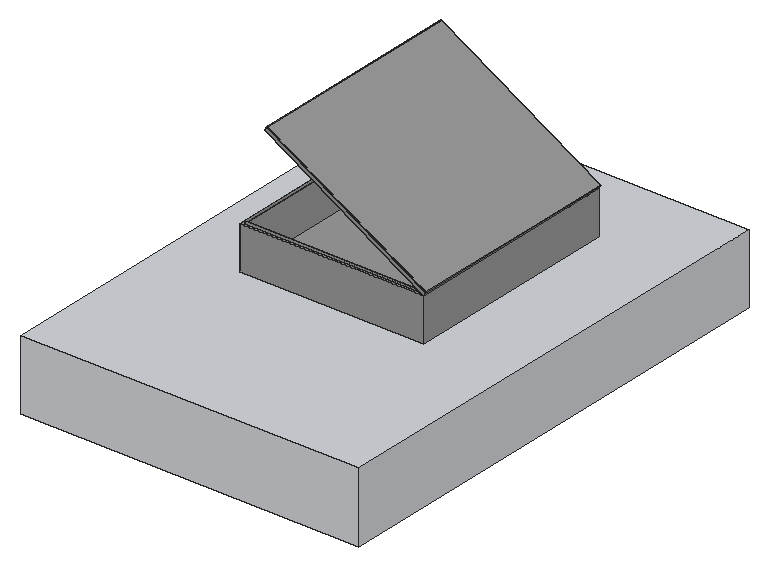
Revit family "Hager-Univers-IP44-D205-H950-Cl.I-Encl-AT-de", category Equipement électrique, Revit 2020
Family settings
  Hôte = Face
  Configuration du panneau = Deux colonnes, circuits au sein
  Cote de connecteur circulaire = Utiliser le diamètre
  Type d'élément = Tableau de raccordement
  Couper avec des vides une fois chargée = Non
  Partagée = Non
  Point de calcul de pièce = Non
Parameters (values of type "Aufputz IP44 B800 H950 T205  - FP63TN2")
  Width Control [instance] = if([EF000008 - Breite] > Min Width, [EF000008 - Breite], Min Width)  # 800 mm
  Commentaires du type = [HG000003 - Bereich]  # "Univers"
  Thickness Door [instance] = if([EF009171 - Materialstärke Tür/Deckel] > 3 mm, 3 mm, [EF009171 - Materialstärke Tür/Deckel])  # 1 mm
  Seal Frame Offset [instance] = 17 mm  # constant formula
  Plinth Visibility [instance] = [HG000027 - Sockelhöhe] > 0 mm  # no
  Model = ""
  Min Width [instance] = 100 mm  # constant formula
  Min Height [instance] = 100 mm  # constant formula
  Min Depth [instance] = (2 * [EF009170 - Materialstärke Gehäuse]) + 1 mm  # 3 mm
  Internal Frame Depth [instance] = (Door System Depth * 0.5)  # 9 mm
  Height Control [instance] = if([EF000040 - Höhe] > Min Height, [EF000040 - Höhe], Min Height)  # 950 mm
  HG000027 - Sockelhöhe = 0 mm
  HG000026 - Stehend auf dem Boden = no
  HG000024 - Höhe des unteren Teils = 800 mm
  HG000023 - Gehäuse mit doppeltem Querschnitt = no
  HG000016 - 3D-Türsichtbarkeit [instance] = yes
  HG000015 - Sichtbarkeit der Türöffnung [instance] = no
  HG000014 - Tür rechts [instance] = yes
  HG000013 - Tür links [instance] = not([HG000014 - Tür rechts])  # no
  HG000012 - Türschwenkwinkel [instance] = 30.00°
  HG000010 - Asymmetrische Türen = no
  HG000009 - Doppelflügeligen Tür = no
  HG000006 - Unterputz = no
  HG000004 - Herstellerreferenz = "FP63TN2"
  HG000003 - Bereich = "Univers"
  HG000002 - Mit tür = yes
  Frame Offset Bottom [instance] = 10 mm  # constant formula
  Frame Offset [instance] = 15 mm  # constant formula
  EF015940 - Deckel mit Überdruckentlastung = no
  EF011959 - Schutzart (NEMA) = ""
  EF009554 - Anzahl der Öffnungen für Flanschplatten = 6
  Fabricant = "Hager"  # constant formula
  EF009212 - Ausführung Deckel = "EV000116 - geschlossen"
  EF009171 - Materialstärke Tür/Deckel = 1 mm
  EF009170 - Materialstärke Gehäuse = 1 mm
  EF008873 - Nennstrom (In) = 250 A
  EF007800 - Geeignet für Blitzschutz = no
  EF006306 - Mit Schloss = no
  EF006244 - Transparenter Deckel/Tür = no
  EF005474 - Schutzart (IP) = "EV006418 - IP44"
  EF004464 - Art der Tür = "EV002646 - Einzel"
  EF004427 - Anzahl der Module = 216
  EF004293 - Schlagfestigkeit = "EV006815 - IK09"
  EF003532 - Geeignet für Außengebrauch = no
  EF002950 - Breite in Teilungseinheiten = 36
  EF001613 - Funktionserhalt = "EV000494 - ohne"
  EF001596 - Werkstoff des Gehäuses = "EV000179 - Stahl"
  EF001131 - Innentiefe = 130 mm
  EF001088 - Anbaumöglichkeit = yes
  EF000437 - Anzahl der Leitungseinführungen = 6
  EF000339 - Art der Abdeckung = "EV001012 - Deckel"
  EF000266 - Anzahl der Reihen = 6
  EF000218 - Einbautiefe = 205 mm
  EF000118 - Mit Montageplatte = no
  EF000116 - RAL-Nummer = "9010"
  EF000049 - Tiefe = 205 mm
  EF000040 - Höhe = 950 mm
  EF000008 - Breite = 800 mm
  EF000007 - Farbe = "EV000202 - weiß"
  EF000003 - Montageart = "EV000384 - Aufputz"
  Door System Leaf Tolerance [instance] = 1.5 mm  # constant formula
  Door System Depth [instance] = 18 mm  # constant formula
  Door Height [instance] = Height Control - [HG000027 - Sockelhöhe]  # 950 mm
  Depth Control [instance] = if([EF000049 - Tiefe] > Min Depth, [EF000049 - Tiefe], Min Depth)  # 205 mm
  Default Elevation = 0 mm
  Connector Offset [instance] = Height Control / 2  # 475 mm
  Bottom Top Plate Trim [instance] = 1.5 mm  # constant formula
  Plinth height Ctrl [instance] = if([HG000027 - Sockelhöhe] > 0 mm, [HG000027 - Sockelhöhe], 12 mm)  # 12 mm
Types (4, lengths in mm): name | Width Control | HG000009 - Doppelflügeligen Tür | HG000004 - Herstellerreferenz | EF009554 - Anzahl der Öffnungen für Flanschplatten | EF004464 - Art der Tür | EF004427 - Anzahl der Module | EF002950 - Breite in Teilungseinheiten | EF000437 - Anzahl der Leitungseinführungen | EF000008 - Breite
  Aufputz IP44 B1050 H950 T205  - FP64TN2 | 1050 | yes | "FP64TN2" | 8 | "EV003602 - Doppel" | 288 | 48 | 8 | 1050
  Aufputz IP44 B300 H950 T205  - FP61TN2 | 300 | no | "FP61TN2" | 2 | "EV002646 - Einzel" | 72 | 12 | 2 | 300
  Aufputz IP44 B550 H950 T205  - FP62TN2 | 550 | no | "FP62TN2" | 4 | "EV002646 - Einzel" | 144 | 24 | 4 | 550
  Aufputz IP44 B800 H950 T205  - FP63TN2 | 800 | no | "FP63TN2" | 6 | "EV002646 - Einzel" | 216 | 36 | 6 | 800
Reference planes
  plane 1 "Center (Front/Back)": y = 0
  plane 2: z = 0
  plane 3 "Center (Left/Right)": x = 0
  plane 4: z = 205
  plane 5: y = 1
  plane 6: y = 475
  plane 7: y = 0
  plane 8: y = 950
  plane 9: z = 0
  plane 10: x = -385
  plane 11: x = 385
  plane 12: x = 384
  plane 13: x = -384
  plane 14: y = 949
  plane 15: x = -383
  plane 16: x = -400
  plane 17: x = 383
  plane 18: x = 400
  plane 19: x = 399
  plane 20: x = -399
  plane 21: y = 11
  plane 22: y = 950
  plane 23: y = 934
  plane 24: z = 187
  plane 25: z = 1
  plane 26: z = 186
  plane 27: z = 204
Forms (mm)
  Extrusion 1, solid
    sketch origin (0, 0, 0) x (1, 0, 0) y (0, 1, 0)
      loop
        line (-702.964, 1305) -> (-702.964, -811.445) -> (766.763, -811.445) -> (766.763, 1305) -> (-702.964, 1305)
    from 0 to -304.8
  Extrusion 2, solid, material "Hager_Steel_RAL7035_Light_Grey", visible <- "Plinth Visibility", detail levels medium+fine
    sketch origin (0, 0, 0) x (1, 0, 0) y (0, 1, 0)
      loop
        line (-400, 0) -> (400, 0) -> (400, 12) -> (-400, 12) -> (-400, 0)
    from 0 to 187
  Extrusion 3, solid, material "Hager_Steel_RAL7035_Light_Grey", detail levels medium+fine
    sketch origin (0, 0, 0) x (1, 0, 0) y (0, 1, 0)
      loop
        line (-400, 0) -> (400, 0) -> (400, 950) -> (-400, 950) -> (-400, 0)
    from 0 to 187
  Extrusion 4, void
    sketch origin (0, 0, 0) x (1, 0, 0) y (0, 1, 0)
      loop
        line (-399, 1) -> (399, 1) -> (399, 949) -> (-399, 949) -> (-399, 1)
    from 1 to 186
  Extrusion 5, void
    sketch origin (-381.607, -4572, 187) x (0, -1, 0) y (-1, 0, 0)
      loop
        line (-4583, 2.393) -> (-5506, 2.393) -> (-5506, -765.607) -> (-4583, -765.607) -> (-4583, 2.393)
    from 0 to 1 <- "EF009170 - Materialstärke Gehäuse"
  Extrusion 6, solid, material "Hager_Steel_RAL7035_Light_Grey", detail levels fine
    sketch origin (0, 0, 187) x (1, 0, 0) y (0, 1, 0)
      loop
        line (-384, 934) -> (-384, 11) -> (384, 11) -> (384, 934) -> (-384, 934)
      loop
        line (-385, 10) -> (385, 10) -> (385, 935) -> (-385, 935) -> (-385, 10)
    from 0 to 9 <- "Internal Frame Depth"
  Extrusion 7, solid, material "Hager_Steel_RAL7035_Light_Grey", detail levels coarse
    sketch origin (0, 0, 0) x (1, 0, 0) y (0, 1, 0)
      loop
        line (-400, 0) -> (400, 0) -> (400, 950) -> (-400, 950) -> (-400, 0)
    from 0 to 205
  Sweep 8, void
    path in 3D
      loop
        line (-400, 12, 0) -> (400, 12, 0) -> (400, 12, 187) -> (-400, 12, 187) -> (-400, 12, 0)
    profile origin (-400, 12, 93.5) x (-1, 0, 0) y (0, -1, 0)
      loop
        line (0, 0) -> (0, 1.5) -> (-1.5, 1.5)
        arc (-1.5, 1.5) -> (-1.061, 0.439) -> (0, 0) r 1.5
Cuts and joins
  Extrusion 4, Extrusion 5 cuts Extrusion 3
  Sweep 8 cuts Extrusion 2
Lines and regions (mm)
  Masking region 1
    outline origin (0, 0, 0) x (1, 0, 0) y (0, 0, 1)
      loop
        line (-400, 205) -> (-400, 0) -> (400, 0) -> (400, 205) -> (-400, 205)
  Masking region 2, detail levels medium+fine
    outline origin (0, 140, 0) x (0, 1, 0) y (0, 0, 1)
      loop
        line (-140, 0) -> (810, 0) -> (810, 187) -> (-140, 187) -> (-140, 0)
  Masking region 3, not visible, detail levels medium+fine
    outline origin (0, 297.922, 0) x (0, 1, 0) y (0, 0, 1)
      loop
        line (188.578, 0) -> (228.578, 0) -> (228.578, 194)
        arc (228.578, 194) -> (225.649, 201.071) -> (218.578, 204) r 10
        line (218.578, 204) -> (188.578, 204) -> (188.578, 0)
  Masking region 4, detail levels coarse
    outline origin (0, 0, 180) x (0, 1, 0) y (0, 0, 1)
      loop
        line (0, -180) -> (950, -180) -> (950, 25) -> (0, 25) -> (0, -180)
  Masking region 5, visible <- "Plinth Visibility", detail levels medium+fine
    outline origin (0, 52.24, 12.345) x (0, 0, -1) y (0, 1, 0)
      loop
        line (10.845, -40.24) -> (-173.155, -40.24)
        arc (-173.155, -40.24) -> (-173.594, -41.301) -> (-174.655, -41.74) r 1.5
        line (-174.655, -41.74) -> (-174.655, -52.24) -> (12.345, -52.24) -> (12.345, -41.74)
        arc (12.345, -41.74) -> (11.285, -41.301) -> (10.845, -40.24) r 1.5
  Masking region 6, detail levels medium+fine
    outline origin (-381.607, -4572, 187) x (-1, 0, 0) y (0, -1, 0)
      loop
        line (18.393, -5522) -> (18.393, -4572) -> (-781.607, -4572) -> (-781.607, -5522) -> (18.393, -5522)
  Masking region 7, visible <- "Plinth Visibility", detail levels medium+fine
    outline origin (-381.607, -4727, 187) x (-1, 0, 0) y (0, -1, 0)
      loop
        arc (16.893, -4739) -> (17.332, -4737.939) -> (18.393, -4737.5) r 1.5
        line (18.393, -4737.5) -> (18.393, -4727) -> (-781.607, -4727) -> (-781.607, -4737.5)
        arc (-781.607, -4737.5) -> (-780.546, -4737.939) -> (-780.107, -4739) r 1.5
        line (-780.107, -4739) -> (16.893, -4739)
  Masking region 8, detail levels coarse
    outline origin (-442.548, -4669.526, 187) x (-1, 0, 0) y (0, -1, 0)
      loop
        line (-42.548, -5619.526) -> (-42.548, -4669.526) -> (-842.548, -4669.526) -> (-842.548, -5619.526) -> (-42.548, -5619.526)
  sketch lines
    curve 1: line (-400, 12, 187) -> (-400, 12, 0)
    curve 2: line (400, 12, 187) -> (-400, 12, 187)
    curve 3: line (400, 12, 187) -> (400, 12, 0)
    curve 4: line (-400, 12, 0) -> (400, 12, 0)
Dimensions and locks
  "Depth Control": plane 4 to Extrusion 1
  "HG000027 - Sockelhöhe": plane 1 "Center (Front/Back)" to plane 7
  "EF009170 - Materialstärke Gehäuse": plane 5 to plane 7
  locked: connector elem to plane 3 "Center (Left/Right)"
  equal spacing: plane 8, plane 6, plane 7
  locked: connector elem to plane 6
  "EF009170 - Materialstärke Gehäuse": plane 8 to plane 14
  "EF009170 - Materialstärke Gehäuse": plane 10 to plane 13
  "EF009170 - Materialstärke Gehäuse": plane 12 to plane 11
  "Frame Offset": plane 20 to plane 13
  "Frame Offset": plane 12 to plane 19
  "EF009170 - Materialstärke Gehäuse": plane 16 to plane 20
  "EF009170 - Materialstärke Gehäuse": plane 19 to plane 18
  "Seal Frame Offset": plane 16 to plane 15
  "Seal Frame Offset": plane 17 to plane 18
  "Frame Offset Bottom": plane 21 to plane 5
  "Frame Offset": plane 14 to plane 23
  equal spacing: plane 16, plane 3 "Center (Left/Right)", plane 18
  "Width Control": plane 16 to plane 18
  "EF009170 - Materialstärke Gehäuse": plane 4 to plane 27
  "EF009170 - Materialstärke Gehäuse": plane 24 to plane 26
  "EF009170 - Materialstärke Gehäuse": plane 25 to level
  "Door System Depth": plane 4 to plane 24
  "Height Control": plane 1 "Center (Front/Back)" to Extrusion 7 sketch curve
  "Height Control": Masking region 4 sketch curve to plane 1 "Center (Front/Back)"
  "Height Control": plane 1 "Center (Front/Back)" to plane 22
  "Bottom Top Plate Trim": profile plane to Sweep 8 sketch curve
  "Bottom Top Plate Trim": Sweep 8 sketch curve to profile plane
  "Plinth height Ctrl": plane 1 "Center (Front/Back)" to Extrusion 2 sketch curve
  "Plinth height Ctrl": Masking region 5 sketch curve to plane 1 "Center (Front/Back)"
  "Plinth height Ctrl": plane 1 "Center (Front/Back)" to Masking region 7 sketch curve
  "Thickness Door": Extrusion 6 sketch curve to Extrusion 6 sketch curve  (x3)
  "Thickness Door": cut or joined group of Extrusion 3, Extrusion 4, Extrusion 5 to Extrusion 6 sketch curve
  radius of Masking region 3 sketch curve = 10 mm
  "Bottom Top Plate Trim": radius of Masking region 5 sketch curve  (x2)
  "Bottom Top Plate Trim": radius of Sweep 8 sketch curve
  "Bottom Top Plate Trim": radius of Masking region 7 sketch curve  (x2)
  aligned and locked: plane 2 to Extrusion 1
  aligned and locked: level to Extrusion 1
  aligned and locked: level to Masking region 1 sketch curve
  aligned and locked: Masking region 1 sketch curve to plane 18
  aligned and locked: Masking region 1 sketch curve to plane 16
  aligned and locked: plane 7 to Masking region 2 sketch curve
  aligned and locked: level to Masking region 3 sketch curve
  aligned and locked: Masking region 3 sketch curve to plane 27
  aligned and locked: level to Masking region 2 sketch curve
  aligned and locked: plane 1 "Center (Front/Back)" to Extrusion 2 sketch curve
  aligned and locked: Extrusion 3 sketch curve to plane 7
  aligned and locked: plane 16 to Extrusion 3 sketch curve
  aligned and locked: plane 18 to Extrusion 3 sketch curve
  aligned and locked: plane 20 to Extrusion 4 sketch curve
  aligned and locked: plane 19 to Extrusion 4 sketch curve
  aligned and locked: Extrusion 4 sketch curve to plane 5
  aligned and locked: Extrusion 4 to plane 25
  aligned and locked: plane 26 to Extrusion 4
  aligned and locked: plane 24 to Extrusion 3
  aligned and locked: Extrusion 5 sketch curve to plane 21
  aligned and locked: Extrusion 5 sketch curve to plane 13
  aligned and locked: Extrusion 5 sketch curve to plane 12
  aligned and locked: plane 18 to Extrusion 7 sketch curve
  aligned and locked: plane 1 "Center (Front/Back)" to Extrusion 7 sketch curve
  aligned and locked: plane 16 to Extrusion 7 sketch curve
  aligned and locked: plane 4 to Extrusion 7
  aligned and locked: Extrusion 7 to level
  aligned and locked: level to Masking region 4 sketch curve
  aligned and locked: Masking region 4 sketch curve to plane 1 "Center (Front/Back)"
  aligned and locked: Masking region 4 sketch curve to plane 4
  aligned and locked: nested 1 to level
  aligned and locked: nested 1 to plane 16
  aligned and locked: plane 8 to Extrusion 3 sketch curve
  aligned and locked: plane 23 to Extrusion 5 sketch curve
  aligned and locked: plane 14 to Extrusion 4 sketch curve
  aligned and locked: Masking region 2 sketch curve to plane 8
  aligned and locked: level to Masking region 5 sketch curve
  aligned and locked: plane 16 to Extrusion 2 sketch curve
  aligned and locked: plane 18 to Extrusion 2 sketch curve
  aligned and locked: Masking region 5 sketch curve to plane 24
  aligned and locked: Masking region 2 sketch curve to plane 24
  aligned and locked: plane 24 to Extrusion 2
  aligned and locked: profile plane to Sweep 8 sketch curve  (x2)
  aligned and locked: Masking region 6 sketch curve to plane 18
  aligned and locked: Masking region 6 sketch curve to plane 22
  aligned and locked: Masking region 6 sketch curve to plane 16
  aligned and locked: plane 8 to plane 22
  aligned and locked: Masking region 6 sketch curve to plane 7
  aligned and locked: Masking region 7 sketch curve to plane 16
  aligned and locked: Masking region 7 sketch curve to plane 1 "Center (Front/Back)"
  aligned and locked: Masking region 7 sketch curve to plane 18
  aligned and locked: Masking region 8 sketch curve to plane 1 "Center (Front/Back)"
  aligned and locked: Masking region 8 sketch curve to plane 18
  aligned and locked: Masking region 8 sketch curve to plane 22
  aligned and locked: Masking region 8 sketch curve to plane 16
  aligned and locked: nested 2 to plane 7
  aligned and locked: plane 3 "Center (Left/Right)" to nested 2
  aligned and locked: nested 2 to plane 24
  aligned and locked: Extrusion 6 sketch curve to cut or joined group of Extrusion 3, Extrusion 4, Extrusion 5  (x4)
Automatic sketch dimensions
  Extrusion 1 sketch curve to Extrusion 1 sketch curve = 1469.727 mm
  Extrusion 1 sketch curve to Extrusion 1 sketch curve = 2116.445 mm
  Masking region 1 sketch curve to plane 4 = 0 mm
  plane 6 to Masking region 3 sketch curve = 11.5 mm
  Masking region 3 sketch curve to Masking region 3 sketch curve = 30 mm
  Masking region 5 sketch curve to plane 1 "Center (Front/Back)" = 0 mm
Nested families
  nested 1: "Hager_Enclosure_Symbol" at (-400, 0, 0) x (1, 0, 0) z (0, -1, 0), Height <- "Depth Control", Width <- "Width Control", type "Hager_Enclosure_Symbol"
    with Width_Ctrl 800 mm, Width 800 mm, Height_Ctrl 205 mm, Height 205 mm, A_Width_Int 13.453 mm, A_Width 161.438 mm, A_Height_Ctrl 179.375 mm, A_Height 179.375 mm
  nested 2: "EC000058_Univers_Door" at (0, 0, 187) x (1, 0, 0) z (0, 1, 0), Leaf_Tolerance <- "Door System Leaf Tolerance", Angle <- "HG000012 - Türschwenkwinkel", Door_Depth <- "Door System Depth", Door_Left <- "HG000013 - Tür links", Transparent <- "EF006244 - Transparenter Deckel/Tür", Assymetrical <- "HG000010 - Asymmetrische Türen", Width <- "Width Control", Clearance <- "HG000015 - Sichtbarkeit der Türöffnung", Double <- "HG000009 - Doppelflügeligen Tür", 3d_Door <- "HG000016 - 3D-Türsichtbarkeit", Lock_Visibility <- "EF006306 - Mit Schloss", Width_Ctrl <- "Width Control", Door_Right <- "HG000014 - Tür rechts", Door <- "HG000002 - Mit tür", Height <- "Door Height", Thickness <- "Thickness Door", type "EC000058_Univers_Door", detail levels medium+fine
    with min_wh 3 mm, Width_Ctrl 800 mm, Width 800 mm, Transparent no, Thickness 1 mm, Seal_Material Hager_Rubber, Lock_Visibility no, Lock_Material Hager_Plastic_RAL9005_Jet_Black, Leaf_Width 800 mm, Leaf_Tolerance_External_Sides 0 mm, Leaf_Tolerance 1.5 mm, Leaf_Offset 0 mm, Leaf_Height 947 mm, Leaf_2_Width 800 mm, Leaf_2_Offset 400 mm, Leaf_1_Width 800 mm, Leaf_1_Offset 400 mm, Height_Ctrl 950 mm, Height 950 mm, Glass_Material Hager_Glass, Double_Clearance_Ctrl no, Double no, Door_Right_Ctrl yes, Door_Right yes, Door_Material Hager_Steel_RAL7035_Light_Grey, Door_Left_Ctrl no, Door_Left no, Door_Depth 18 mm, Door yes, Clearance_Material Hager_Clearance, Clearance_Depth 800 mm, Clearance_Ctrl no, Clearance no, Assymetrical no, Angle 30.00°, 3d_Door yes
Connectors
  electrical at (0, 475, 0)
    settings: on plane 9, index 1, voltage 0 V, apparent load 0 VA, apparent load phase1 0 VA, apparent load phase2 0 VA, apparent load phase3 0 VA, power factor 1, load classification "Other", number of poles 1, system type 30, power factor state 1, is connector primary yes, connector utility no, sub classification motor no, connector description ""
Definition of nested family "EC000058_Univers_Door"
  Parameters (values of type "EC000058_Univers_Door")
    min_wh [instance] = (2 * Thickness) + 1 mm  # 11 mm
    Width_Ctrl [instance] = 400 mm
    Width [instance] = 500 mm
    Transparent [instance] = yes
    Thickness [instance] = 5 mm
    Seal_Material [instance] = none
    Lock_Visibility [instance] = yes
    Lock_Material [instance] = none
    Leaf_Width [instance] = if((Width_Ctrl - 2 * Leaf_Tolerance_External_Sides) > 0 mm, (Width_Ctrl - 2 * Leaf_Tolerance_External_Sides), min_wh)  # 400 mm
    Leaf_Tolerance_External_Sides [instance] = 0 mm  # constant formula
    Leaf_Tolerance [instance] = 1.5 mm
    Leaf_Offset [instance] = 0 mm  # constant formula
    Leaf_Height [instance] = if((Height_Ctrl - 2 * Leaf_Tolerance) > 0 mm, (Height_Ctrl - 2 * Leaf_Tolerance), min_wh)  # 497 mm
    Leaf_2_Width [instance] = if(and(and(Double, Assymetrical), Door_Left), (Leaf_Width / 3) - (Leaf_Tolerance / 2), if(and(and(Double, Assymetrical), Door_Right), (Leaf_Width / 3) * 2 - (Leaf_Tolerance / 2), if(and(Double, not(Assymetrical)), (Leaf_Width / 2) - Leaf_Tolerance, Leaf_Width)))  # 400 mm
    Leaf_2_Offset [instance] = if(and(Double, Assymetrical), Leaf_2_Width / 2, if(and(Double, not(Assymetrical)), Leaf_Width / 4, Leaf_Width / 2))  # 200 mm
    Leaf_1_Width [instance] = if(and(and(Double, Assymetrical), Door_Right), (Leaf_Width / 3) - (Leaf_Tolerance / 2), if(and(and(Double, Assymetrical), Door_Left), (Width / 3) * 2 - (Leaf_Tolerance / 2), if(and(Double, not(Assymetrical)), (Leaf_Width / 2) - Leaf_Tolerance, Leaf_Width)))  # 400 mm
    Leaf_1_Offset [instance] = if(and(Double, Assymetrical), Leaf_1_Width / 2, if(and(Double, not(Assymetrical)), Leaf_Width / 4, Leaf_Width / 2))  # 200 mm
    Height_Ctrl [instance] = if(Height > min_wh, Height, min_wh)  # 500 mm
    Height [instance] = 500 mm
    Glass_Material [instance] = none
    Double_Clearance_Ctrl [instance] = and(Double, Clearance)  # no
    Double [instance] = no
    Door_Right_Ctrl [instance] = and(or(Door_Right, Double), Door)  # yes
    Door_Right [instance] = yes
    Door_Material [instance] = none
    Door_Left_Ctrl [instance] = and(or(Door_Left, Double), Door)  # no
    Door_Left [instance] = no
    Door_Depth [instance] = 30 mm
    Door [instance] = yes
    Default Elevation = 1219.2 mm
    Clearance_Material [instance] = none
    Clearance_Depth [instance] = if(Leaf_1_Width > Leaf_2_Width, Leaf_1_Width, Leaf_2_Width)  # 400 mm
    Clearance_Ctrl [instance] = and(not(Double), Clearance)  # yes
    Clearance [instance] = yes
    Assymetrical [instance] = yes
    Angle [instance] = 30.00°
    3d_Door [instance] = yes
  Reference planes
    plane 1 "Center (Front/Back)": y = 0
    plane 2 "Bottom": z = 0
    plane 3 "Center (Left/Right)": x = 0
    plane 4: z = 500
    plane 5: x = -200
    plane 6: x = 200
    plane 7: z = 500
    plane 8: x = -200
    plane 9: z = 0
    plane 10: x = 200
    plane 11: y = 0
    plane 12: z = 1.5
    plane 13: x = -600
    plane 14: y = -400
    plane 15: x = 600
    plane 16: x = 0
    plane 17: x = 0
    plane 18: x = -200
    plane 19: x = 200
    plane 20: z = 498.5
  Forms (mm)
    Extrusion 1, solid, material <- "Clearance_Material", visible <- "Double_Clearance_Ctrl"
      sketch origin (1200, 0, 0) x (1, 0, 0) y (0, 0, -1)
        loop
          line (-1800, -498.5) -> (-600, -498.5) -> (-600, 0) -> (-1800, 0) -> (-1800, -498.5)
      from 0 to -400
  Dimensions and locks
    equal spacing: plane 5, plane 3 "Center (Left/Right)", plane 6
    "Width_Ctrl": plane 5 to plane 6
    "Leaf_Offset": plane 5 to plane 8
    "Leaf_Offset": plane 6 to plane 10
    "Leaf_Offset": plane 9 to level
    "Leaf_Offset": plane 4 to plane 7
    "Height_Ctrl": plane 4 to level
    "Leaf_Tolerance": plane 12 to plane 9
    locked: plane 11 to plane 1 "Center (Front/Back)"
    "Leaf_1_Offset": plane 18 to plane 16
    "Leaf_2_Offset": plane 17 to plane 19
    "Leaf_1_Width": plane 13 to plane 8
    "Leaf_2_Width": plane 10 to plane 15
    "Clearance_Depth": plane 14 to plane 1 "Center (Front/Back)"
    "Leaf_Tolerance_External_Sides": plane 8 to plane 18
    "Leaf_Tolerance_External_Sides": plane 19 to plane 10
    "Leaf_Tolerance": plane 7 to plane 20
    aligned and locked: level to plane 2 "Bottom"
    aligned and locked: nested 1 to plane 16
    aligned and locked: nested 2 to plane 17
    aligned and locked: Extrusion 1 to plane 13
    aligned and locked: plane 15 to Extrusion 1
    aligned and locked: Extrusion 1 to plane 14
    aligned and locked: plane 12 to nested 1
    aligned and locked: nested 2 to plane 12
    aligned and locked: Extrusion 1 to plane 11
    aligned and locked: plane 20 to Extrusion 1
    aligned and locked: nested 2 to plane 11
    aligned and locked: nested 1 to plane 11
  Automatic sketch dimensions
    Extrusion 1 sketch curve to level = 0 mm
    plane 5 to Extrusion 1 sketch curve = 400 mm
    plane 6 to Extrusion 1 sketch curve = 400 mm
    Extrusion 1 sketch curve to plane 4 = 1.5 mm
  Nested families
    nested 1: "EC000058_Univers_Door_Leaf" at (0, 0, 1.5), Width <- "Leaf_1_Width", visible <- "Door_Left_Ctrl", Leaf_Height <- "Leaf_Height", Angle <- "Angle", 3d_Door <- "3d_Door", Transparent <- "Transparent", Clearance Material <- "Clearance_Material", Clearance <- "Clearance_Ctrl", Door_Material <- "Door_Material", Glass_Material <- "Glass_Material", Door_Depth <- "Door_Depth", Lock_Material <- "Lock_Material", Seal_Material <- "Seal_Material", Lock_Visibility <- "Lock_Visibility", Thickness <- "Thickness", type "EC000058_Univers_Door_Leaf"
      with Width 400 mm, Transparent_Glass_Offset 30 mm, Transparent_Ctrl yes, Transparent yes, Thickness 5 mm, Standard no, Seal_Material none, Seal_D2 8 mm, Seal_D1 1 mm, Offset_Internal_Frame 10 mm, Lock_Width 20 mm, Lock_Visibility_3d yes, Lock_Visibility yes, Lock_Thickness_3 3 mm, Lock_Thickness_2 1 mm, Lock_Thickness_1 3 mm, Lock_Radius_Offset_2 16 mm, Lock_Radius_Offset_1 15 mm, Lock_Radius_2 5 mm, Lock_Radius 6 mm, Lock_Offset 5 mm, Lock_Material none, Lock_Height 80 mm, Lock_Cover_Top_Offset_2d 17 mm, Lock_Cover_Height -65 mm, Leaf_Height 497 mm, Internal_Seal_Thickness 8 mm, Internal_Seal_Depth_2 4.5 mm, Internal_Frame_Depth 25 mm, Glass_Thickness -1 mm, Glass_Offset -2 mm, Glass_Material none, Door_Material none, Door_Depth 30 mm, Clearance Material none, Clearance yes, Angle_Ctrl 30.00°, Angle 30.00°, 3d_Door yes
    nested 2: "EC000058_Univers_Door_Leaf" at (0, 0, 1.5) x (-1, 0, 0) z (0, 0, 1), Width <- "Leaf_2_Width", visible <- "Door_Right_Ctrl", Leaf_Height <- "Leaf_Height", Angle <- "Angle", 3d_Door <- "3d_Door", Transparent <- "Transparent", Clearance Material <- "Clearance_Material", Clearance <- "Clearance_Ctrl", Door_Material <- "Door_Material", Glass_Material <- "Glass_Material", Door_Depth <- "Door_Depth", Lock_Material <- "Lock_Material", Seal_Material <- "Seal_Material", Lock_Visibility <- "Lock_Visibility", Thickness <- "Thickness", type "EC000058_Univers_Door_Leaf"
      with Width 400 mm, Transparent_Glass_Offset 30 mm, Transparent_Ctrl yes, Transparent yes, Thickness 5 mm, Standard no, Seal_Material none, Seal_D2 8 mm, Seal_D1 1 mm, Offset_Internal_Frame 10 mm, Lock_Width 20 mm, Lock_Visibility_3d yes, Lock_Visibility yes, Lock_Thickness_3 3 mm, Lock_Thickness_2 1 mm, Lock_Thickness_1 3 mm, Lock_Radius_Offset_2 16 mm, Lock_Radius_Offset_1 15 mm, Lock_Radius_2 5 mm, Lock_Radius 6 mm, Lock_Offset 5 mm, Lock_Material none, Lock_Height 80 mm, Lock_Cover_Top_Offset_2d 17 mm, Lock_Cover_Height -65 mm, Leaf_Height 497 mm, Internal_Seal_Thickness 8 mm, Internal_Seal_Depth_2 4.5 mm, Internal_Frame_Depth 25 mm, Glass_Thickness -1 mm, Glass_Offset -2 mm, Glass_Material none, Door_Material none, Door_Depth 30 mm, Clearance Material none, Clearance yes, Angle_Ctrl 30.00°, Angle 30.00°, 3d_Door yes
  Definition of nested family "EC000058_Univers_Door_Leaf"
    Parameters (values of type "EC000058_Univers_Door_Leaf")
      Width [instance] = 2000 mm
      Transparent_Glass_Offset [instance] = 30 mm
      Transparent_Ctrl [instance] = and(Transparent, [3d_Door])  # yes
      Transparent [instance] = yes
      Thickness [instance] = 5 mm
      Standard [instance] = and(not(Transparent), [3d_Door])  # no
      Seal_Material [instance] = none
      Seal_D2 [instance] = 8 mm  # constant formula
      Seal_D1 [instance] = 1 mm  # constant formula
      Offset_Internal_Frame [instance] = 10 mm  # constant formula
      Lock_Width [instance] = 20 mm  # constant formula
      Lock_Visibility_3d [instance] = and(Lock_Visibility, [3d_Door])  # yes
      Lock_Visibility [instance] = yes
      Lock_Thickness_3 [instance] = 3 mm  # constant formula
      Lock_Thickness_2 [instance] = 1 mm  # constant formula
      Lock_Thickness_1 [instance] = 3 mm  # constant formula
      Lock_Radius_Offset_2 [instance] = Lock_Radius_Offset_1 + 1 mm  # 16 mm
      Lock_Radius_Offset_1 [instance] = 15 mm  # constant formula
      Lock_Radius_2 [instance] = Lock_Radius - 1 mm  # 5 mm
      Lock_Radius [instance] = 6 mm  # constant formula
      Lock_Offset [instance] = 5 mm  # constant formula
      Lock_Material [instance] = none
      Lock_Height [instance] = 80 mm  # constant formula
      Lock_Cover_Top_Offset_2d [instance] = Lock_Radius_Offset_2 + 1 mm  # 17 mm
      Lock_Cover_Height [instance] = -(Lock_Height - Lock_Radius_Offset_1)  # -65 mm
      Leaf_Height [instance] = 2720.336 mm
      Internal_Seal_Thickness [instance] = 8 mm  # constant formula
      Internal_Seal_Depth_2 [instance] = 4.5 mm  # constant formula
      Internal_Frame_Depth [instance] = if(Door_Depth - Thickness > 5 mm, Door_Depth - Thickness, 5 mm)  # 25 mm
      Glass_Thickness [instance] = if(Thickness > 15 mm, Glass_Offset + 10 mm, -1 mm)  # -1 mm
      Glass_Offset [instance] = if(Thickness > 15 mm, -(Thickness + 10 mm) / 2, -2 mm)  # -2 mm
      Glass_Material [instance] = none
      Door_Material [instance] = none
      Door_Depth [instance] = 30 mm
      Default Elevation = 0 mm
      Clearance Material [instance] = none
      Clearance [instance] = yes
      Angle_Ctrl [instance] = if(Angle > 180.00°, 180.00°, Angle)  # 90.00°
      Angle [instance] = 90.00°
      3d_Door [instance] = yes
    Reference planes
      plane 1 "Center (Front/Back)": y = 0
      plane 2: z = 0
      plane 3 "Center (Left/Right)": x = 0
      plane 4: y = 2000
      plane 5: x = -1000
      plane 6: x = 1000
      plane 7: x = -3000
      plane 8: z = 2720.336
      plane 9: z = 30
      plane 10: z = 2690.336
      plane 11: x = 970
      plane 12: x = -970
      plane 13: y = -3
      plane 14: z = 107.833
      plane 15: y = -5
      plane 16: y = -223.314
      plane 17: x = -1000
      plane 18: z = 1360.168
      plane 19: y = 30
    Forms (mm)
      Extrusion 1, solid, material <- "Clearance Material", visible <- "Clearance"
        sketch origin (0, 0, 0) x (1, 0, 0) y (0, 0, 1)
          loop
            line (-3000, 2720.336) -> (-3000, 0) -> (1000, 0) -> (1000, 2720.336) -> (-3000, 2720.336)
        from 0 to -2000
      Extrusion 2, solid, material <- "Door_Material", visible <- "Standard", detail levels medium+fine
        sketch origin (-1000, 0, 0) x (0, 1, 0) y (-1, 0, 0)
          loop
            line (0, 30) -> (0, 25) -> (2000, 25) -> (2000, 30) -> (0, 30)
        from 0 to 2720.336 <- "Leaf_Height"
      Extrusion 3, solid, material <- "Door_Material", visible <- "Transparent_Ctrl", detail levels medium+fine
        sketch origin (-1000, 0, 0) x (0, 1, 0) y (-1, 0, 0)
          loop
            line (0, 25) -> (2000, 25) -> (2000, 30) -> (0, 30) -> (0, 25)
        from 0 to 2720.336 <- "Leaf_Height"
      Extrusion 4, void
        sketch origin (-1025, 2000, 0) x (0, 1, 0) y (0, 0, -1)
          loop
            line (-30, -2690.336) -> (-30, -30) -> (-1970, -30) -> (-1970, -2690.336) -> (-30, -2690.336)
        from 0 to 5 <- "Thickness"
      Sweep 5, solid, material <- "Seal_Material", visible <- "Transparent_Ctrl", detail levels fine
        path in 3D
          loop
            line (-1025, 30, 30) -> (-1025, 30, 2690.336) -> (-1025, 1970, 2690.336) -> (-1025, 1970, 30) -> (-1025, 30, 30)
        profile origin (-1025, 1000, 30) x (1, 0, 0) y (0, 0, 1)
          loop
            line (0, 0) -> (0, -8) -> (1, -8) -> (1, 0) -> (0, 0)
      Extrusion 6, solid, material <- "Glass_Material", visible <- "Transparent_Ctrl", detail levels medium+fine
        sketch origin (-1030, 0, 0) x (0, 1, 0) y (0, 0, -1)
          loop
            line (1970, -2690.336) -> (1970, -30) -> (30, -30) -> (30, -2690.336) -> (1970, -2690.336)
        from -2 <- "Glass_Offset" to -1 <- "Glass_Thickness"
      Extrusion 7, solid, material <- "Door_Material", visible <- "3d_Door", detail levels medium+fine
        sketch origin (-1025, 2000, 0) x (0, -1, 0) y (0, 0, -1)
          loop
            line (0, -2720.336) -> (2000, -2720.336) -> (2000, 0) -> (0, 0) -> (0, -2720.336)
          loop
            line (1995, -5) -> (5, -5) -> (5, -2715.336) -> (1995, -2715.336) -> (1995, -5)
        from 0 to 25 <- "Internal_Frame_Depth"
      Sweep 8, solid, material <- "Seal_Material", visible <- "Transparent_Ctrl", detail levels fine
        path in 3D
          loop
            line (-1025, 0, 0) -> (-1025, 2000, 0) -> (-1025, 2000, 2720.336) -> (-1025, 0, 2720.336) -> (-1025, 0, 0)
        profile origin (-1025, 0, 1360.168) x (1, 0, 0) y (0, 1, 0)
          loop
            line (0, 10) -> (2.975, 10)
            arc (2.975, 10) -> (4.053, 10.447) -> (4.5, 11.525) r 1.525
            line (4.5, 11.525) -> (4.5, 16.527)
            arc (4.5, 16.527) -> (4.069, 17.569) -> (3.027, 18) r 1.473
            line (3.027, 18) -> (0, 18) -> (0, 10)
      Extrusion 9, solid, material <- "Lock_Material", visible <- "Lock_Visibility_3d", detail levels fine
        sketch origin (-1030, 0, 0) x (0, 1, 0) y (0, 0, -1)
          loop
            arc (1993.5, -1400.168) -> (1994.561, -1399.729) -> (1995, -1398.668) r 1.5
            line (1995, -1398.668) -> (1995, -1320.168) -> (1975, -1320.168) -> (1975, -1398.668)
            arc (1975, -1398.668) -> (1975.439, -1399.729) -> (1976.5, -1400.168) r 1.5
            line (1976.5, -1400.168) -> (1993.5, -1400.168)
        from 3 <- "Lock_Thickness_1" to 0
      Blend 10, solid, material <- "Lock_Material", visible <- "Lock_Visibility_3d", detail levels fine
        base sketch origin (-1033, 0, 0) x (0, 1, 0) y (0, 0, -1)
          loop
            line (1975, -1320.168) -> (1975, -1398.668)
            arc (1975, -1398.668) -> (1975.439, -1399.729) -> (1976.5, -1400.168) r 1.5
            line (1976.5, -1400.168) -> (1993.5, -1400.168)
            arc (1993.5, -1400.168) -> (1994.561, -1399.729) -> (1995, -1398.668) r 1.5
            line (1995, -1398.668) -> (1995, -1320.168) -> (1975, -1320.168)
        top sketch origin (-1033, 0, 0) x (0, 1, 0) y (0, 0, -1)
          loop
            line (1976, -1320.168) -> (1976, -1398.668)
            arc (1976, -1398.668) -> (1976.146, -1399.022) -> (1976.5, -1399.168) r 0.5
            line (1976.5, -1399.168) -> (1993.5, -1399.168)
            arc (1993.5, -1399.168) -> (1993.854, -1399.022) -> (1994, -1398.668) r 0.5
            line (1994, -1398.668) -> (1994, -1320.168) -> (1976, -1320.168)
        from 0 to 1 <- "Lock_Thickness_2"
      Blend 11, solid, material <- "Lock_Material", visible <- "Lock_Visibility_3d", detail levels fine
        base sketch origin (-1034, 0, 0) x (0, 1, 0) y (0, 0, -1)
          loop
            line (1978, -1320.168) -> (1978, -1384.168)
            arc (1978, -1384.168) -> (1985, -1391.168) -> (1992, -1384.168) r 7
            line (1992, -1384.168) -> (1992, -1320.168) -> (1978, -1320.168)
        top sketch origin (-1034, 0, 0) x (0, 1, 0) y (0, 0, -1)
          loop
            line (1991, -1320.168) -> (1979, -1320.168) -> (1979, -1383.168)
            arc (1979, -1383.168) -> (1985, -1389.168) -> (1991, -1383.168) r 6
            line (1991, -1383.168) -> (1991, -1320.168)
        from 0 to 3 <- "Lock_Thickness_3"
      Extrusion 12, solid, material <- "Lock_Material", visible <- "Lock_Visibility_3d", detail levels fine
        sketch origin (-1030, 1975, 1320.168) x (1, 0, 0) y (0, -1, 0)
          loop
            line (-7, -19) -> (-7, -1) -> (0, -1) -> (0, 0) -> (-8, 0) -> (-8, -20) -> (0, -20) -> (0, -19) -> (-7, -19)
        from 0 to -65 <- "Lock_Cover_Height"
      Extrusion 13, void
        sketch origin (-1038, 1995, 1320.168) x (-1, 0, 0) y (0, 0, -1)
          loop
            line (-5, -65) -> (0, -65) -> (-5, -60) -> (-5, -65)
        from 0 to 20 <- "Lock_Width"
      Extrusion 14, void
        sketch origin (-1038, 1975, 1320.168) x (0, -1, 0) y (0, 0, -1)
          loop
            circle (-10, -15.995) r 6
          loop
            circle (-10, -15.995) r 5
        from 0 to 2
      Extrusion 15, solid, material <- "Lock_Material", visible <- "Lock_Visibility_3d", detail levels medium
        sketch origin (-1030, 0, 0) x (0, 1, 0) y (0, 0, -1)
          loop
            arc (1993.5, -1400.168) -> (1994.561, -1399.729) -> (1995, -1398.668) r 1.5
            line (1995, -1398.668) -> (1995, -1320.168) -> (1975, -1320.168) -> (1975, -1398.668)
            arc (1975, -1398.668) -> (1975.439, -1399.729) -> (1976.5, -1400.168) r 1.5
            line (1976.5, -1400.168) -> (1993.5, -1400.168)
        from 8 to 0
    Cuts and joins
      Extrusion 4 cuts Extrusion 3
      Extrusion 13, Extrusion 14 cuts Extrusion 9
      Extrusion 14 cuts Blend 11
      Extrusion 13, Extrusion 14 cuts Extrusion 12
      joined: Extrusion 9, Blend 10, Blend 11, Extrusion 12
      Extrusion 14 cuts Extrusion 15
    Lines and regions (mm)
      Masking region 1, visible <- "Lock_Visibility", detail levels fine
        outline origin (0, 0, 0) x (0, 1, 0) y (0, 0, 1)
          loop
            line (30, 1320.168) -> (33, 1320.168) -> (33, 1400.168) -> (30, 1400.168) -> (30, 1320.168)
      Masking region 2, visible <- "Lock_Visibility", detail levels fine
        outline origin (0, 3.143, 0) x (0, 1, 0) y (0, 0, 1)
          loop
            line (29.857, 1354.168) -> (30.857, 1354.168) -> (30.857, 1366.168) -> (29.857, 1366.168) -> (29.857, 1354.168)
      Masking region 3, detail levels medium+fine
        outline origin (0, 0, 0) x (0, 1, 0) y (0, 0, 1)
          loop
            line (0, 0) -> (30, 0) -> (30, 2720.336) -> (0, 2720.336) -> (0, 0)
      Masking region 4, detail levels medium+fine
        outline origin (0, 0, 0) x (1, 0, 0) y (0, 0, 1)
          loop
            line (-1000, 2720.336) -> (-1000, 0) -> (1000, 0) -> (1000, 2720.336) -> (-1000, 2720.336)
      Masking region 5, visible <- "Lock_Visibility", detail levels fine
        outline origin (-47.116, 0, 0) x (1, 0, 0) y (0, 0, 1)
          loop
            arc (1024.616, 1399.168) -> (1023.556, 1398.729) -> (1023.116, 1397.668) r 1.5
            line (1023.116, 1397.668) -> (1023.116, 1320.168) -> (1041.116, 1320.168) -> (1041.116, 1397.668)
            arc (1041.116, 1397.668) -> (1040.677, 1398.729) -> (1039.616, 1399.168) r 1.5
            line (1039.616, 1399.168) -> (1024.616, 1399.168)
      Masking region 6, visible <- "Lock_Visibility", detail levels medium+fine
        outline origin (-25, 0, 0) x (1, 0, 0) y (0, 0, 1)
          loop
            arc (1001.5, 1400.168) -> (1000.439, 1399.729) -> (1000, 1398.668) r 1.5
            line (1000, 1398.668) -> (1000, 1320.168) -> (1020, 1320.168) -> (1020, 1398.668)
            arc (1020, 1398.668) -> (1019.561, 1399.729) -> (1018.5, 1400.168) r 1.5
            line (1018.5, 1400.168) -> (1001.5, 1400.168)
      Masking region 7, visible <- "Lock_Visibility", detail levels fine
        outline origin (-73.735, 0, 0) x (1, 0, 0) y (0, 0, 1)
          loop
            line (1051.735, 1382.168) -> (1065.735, 1382.168) -> (1065.735, 1384.168)
            arc (1065.735, 1384.168) -> (1058.735, 1391.168) -> (1051.735, 1384.168) r 7
            line (1051.735, 1384.168) -> (1051.735, 1382.168)
      Masking region 8, visible <- "Lock_Visibility", detail levels fine
        outline origin (-73.735, 0, 0) x (1, 0, 0) y (0, 0, 1)
          loop
            line (1052.735, 1382.168) -> (1064.735, 1382.168) -> (1064.735, 1383.168)
            arc (1064.735, 1383.168) -> (1058.735, 1389.168) -> (1052.735, 1383.168) r 6
            line (1052.735, 1383.168) -> (1052.735, 1382.168)
      Masking region 9, visible <- "Lock_Visibility", detail levels fine
        outline origin (-25, 0, 0) x (1, 0, 0) y (0, 0, 1)
          loop
            line (1020, 1320.168) -> (1020, 1382.168) -> (1000, 1382.168) -> (1000, 1320.168) -> (1020, 1320.168)
      Masking region 10, detail levels medium+fine
        outline origin (0, 0, 0) x (1, 0, 0) y (0, 0, 1)
          loop
            circle (985, 1335.144) r 6
      Masking region 11, detail levels fine
        outline origin (0, 0, 0) x (1, 0, 0) y (0, 0, 1)
          loop
            circle (985, 1335.144) r 5
      Masking region 12, visible <- "Lock_Visibility", detail levels fine
        outline origin (0, 12.767, 0) x (0, 1, 0) y (0, 0, 1)
          loop
            line (20.233, 1320.168) -> (21.233, 1320.168) -> (21.233, 1399.168) -> (20.233, 1400.168) -> (20.233, 1320.168)
      Masking region 13, visible <- "Lock_Visibility", detail levels fine
        outline origin (0, 13.767, -10) x (0, 1, 0) y (0, 0, 1)
          loop
            line (20.233, 1330.168) -> (23.233, 1330.168) -> (23.233, 1399.168) -> (20.233, 1402.168) -> (20.233, 1330.168)
      Masking region 14, visible <- "Lock_Visibility", detail levels fine
        outline origin (0, 12.767, -10) x (0, 1, 0) y (0, 0, 1)
          loop
            line (20.233, 1330.168) -> (25.233, 1330.168) -> (25.233, 1399.305) -> (20.233, 1394.305) -> (20.233, 1330.168)
      Masking region 15, visible <- "Lock_Visibility", detail levels medium
        outline origin (0, 0, 0) x (0, 1, 0) y (0, 0, 1)
          loop
            line (30, 1320.168) -> (38, 1320.168) -> (38, 1400.168) -> (30, 1400.168) -> (30, 1320.168)
      Masking region 16, visible <- "Lock_Visibility", detail levels fine
        outline origin (-1000, 0, 0) x (0, 1, 0) y (-1, 0, 0)
          loop
            line (1975, 30) -> (1995, 30) -> (1995, 38) -> (1975, 38) -> (1975, 30)
          loop
            line (1979, 37) -> (1976, 37) -> (1976, 34) -> (1978, 34) -> (1979, 37)
          loop
            line (1994, 37) -> (1991, 37) -> (1992, 34) -> (1994, 34) -> (1994, 37)
      Masking region 17, visible <- "Lock_Visibility", detail levels medium
        outline origin (-1000, 0, 0) x (0, 1, 0) y (-1, 0, 0)
          loop
            line (1975, 30) -> (1995, 30) -> (1995, 38) -> (1975, 38) -> (1975, 30)
      symbolic lines
        curve 1: line (1000, 0, 0) -> (-3000, 0, 0)
        curve 2: arc (1000, 0, 0) -> (-1000, 2000, 0) -> (-3000, 0, 0) r 2000
        curve 4: line (-1030, 0, 0) -> (-1030, 2000, 0)
      reference lines
        curve 3: line (-1000, 0, 0) -> (-1000, 2000, 0)
      symbolic lines, detail levels medium+fine
        curve 5: line (-1030, 2000, 0) -> (-1025, 2000, 0)
        curve 7: line (-1025, 0, 0) -> (-1030, 0, 0)
        curve 8: line (-1025, 0, 0) -> (-1000, 0, 0)
        curve 9: line (-1000, 0, 0) -> (-1000, 2000, 0)
        curve 10: line (-1000, 2000, 0) -> (-1025, 2000, 0)
      symbolic lines, detail levels fine
        curve 6: line (-1025, 2000, 0) -> (-1025, 0, 0)
      sketch lines
        curve 11: line (-1025, 0, 2720.336) -> (-1025, 0, 0)
        curve 12: line (-1025, 2000, 0) -> (-1025, 0, 0)
        curve 13: line (-1025, 2000, 2720.336) -> (-1025, 2000, 0)
        curve 14: line (-1025, 0, 2720.336) -> (-1025, 2000, 2720.336)
        curve 15: line (-1025, 1970, 30) -> (-1025, 30, 30)
        curve 16: line (-1025, 30, 30) -> (-1025, 30, 2690.336)
        curve 17: line (-1025, 1970, 2690.336) -> (-1025, 1970, 30)
        curve 18: line (-1025, 30, 2690.336) -> (-1025, 1970, 2690.336)
      symbolic lines, visible <- "Transparent", detail levels medium+fine
        curve 19: line (-970, 0, 2690.336) -> (970, 0, 2690.336)
        curve 20: line (-970, 0, 30) -> (-970, 0, 2690.336)
        curve 21: line (970, 0, 30) -> (-970, 0, 30)
        curve 22: line (970, 0, 2690.336) -> (970, 0, 30)
    Dimensions and locks
      "Width": plane 1 "Center (Front/Back)" to plane 4
      equal spacing: plane 5, plane 3 "Center (Left/Right)", plane 6
      "Width": plane 5 to plane 6
      "Width": plane 7 to plane 5
      "Leaf_Height": plane 8 to level
      "Width": curve 5 to curve 3
      "Width": curve 3 to curve 3
      plane 8 to plane 10 = 30 mm
      plane 9 to level = 30 mm
      plane 12 to plane 5 = 30 mm
      plane 6 to plane 11 = 30 mm
      Extrusion 1 to Extrusion 4 sketch curve = 30 mm
      "Transparent_Glass_Offset": curve 3 to Extrusion 4 sketch curve
      "Transparent_Glass_Offset": Extrusion 4 sketch curve to cut or joined group of Extrusion 3, Extrusion 4  (x2)
      cut or joined group of Extrusion 3, Extrusion 4 to Extrusion 6 sketch curve = 30 mm
      "Transparent_Glass_Offset": cut or joined group of Extrusion 3, Extrusion 4 to Extrusion 4 sketch curve
      "Thickness": curve 6 to curve 4
      "Thickness": Extrusion 7 sketch curve to Extrusion 7 sketch curve  (x4)
      "Door_Depth": curve 4 to curve 3
      "Offset_Internal_Frame": profile plane to Sweep 8 sketch curve
      "Internal_Seal_Thickness": Sweep 8 sketch curve to Sweep 8 sketch curve
      "Internal_Seal_Depth_2": profile plane to Sweep 8 sketch curve
      "Seal_D1": profile plane to Sweep 5 sketch curve
      "Seal_D2": profile plane to Sweep 5 sketch curve
      "Thickness": Extrusion 2 sketch curve to Extrusion 2 sketch curve
      equal spacing: Extrusion 9 sketch curve, plane 18, Extrusion 9 sketch curve  (x2)
      equal spacing: Masking region 1 sketch curve, plane 18, Masking region 1 sketch curve
      "Lock_Height": Masking region 1 sketch curve to Masking region 1 sketch curve
      "Lock_Radius": Masking region 2 sketch curve to plane 18 to Masking region 2 sketch curve
      Masking region 2 sketch curve to Masking region 1 = 1 mm
      "Door_Depth": plane 19 to plane 1 "Center (Front/Back)"
      "Lock_Thickness_1": Masking region 1 sketch curve to plane 19
      "Lock_Width": Extrusion 9 sketch curve to Extrusion 9 sketch curve
      "Lock_Height": Extrusion 9 sketch curve to Extrusion 9 sketch curve
      "Lock_Offset": cut or joined group of Extrusion 3, Extrusion 4 to Extrusion 9 sketch curve
      equal spacing: plane 8, plane 18, level
      "Lock_Radius_Offset_1": Blend 11 sketch curve to Blend 10
      locked: Blend 10 to Blend 11 sketch curve at 2  (x2)
      locked: var sketch to Blend 11 sketch curve at 1  (x2)
      "Lock_Radius_Offset_2": Blend 11 sketch curve to Blend 10
      locked: Extrusion 12 sketch curve to Extrusion 12 sketch curve at 1  (x3)
      Masking region 6 sketch curve to Masking region 6 sketch curve = 80 mm
      "Lock_Height": Masking region 6 sketch curve to Masking region 6 sketch curve
      "Lock_Width": Masking region 6 sketch curve to Masking region 6 sketch curve
      locked: Masking region 6 to Masking region 5 sketch curve at 1  (x3)
      locked: Masking region 5 to Masking region 7 sketch curve at 2  (x2)
      "Lock_Radius_Offset_1": Masking region 5 to Masking region 7 sketch curve
      "Lock_Radius_Offset_2": Masking region 5 to Masking region 8 sketch curve
      locked: Masking region 7 to Masking region 8 sketch curve at 1  (x2)
      "Lock_Cover_Top_Offset_2d": Masking region 5 to Masking region 9 sketch curve
      equal spacing: Masking region 9, Masking region 10 sketch curve, Masking region 9
      equal spacing: Masking region 9, Masking region 11 sketch curve, Masking region 9
      Extrusion 15 sketch curve to Extrusion 15 sketch curve = 80 mm
      "Lock_Width": Extrusion 15 sketch curve to Extrusion 15 sketch curve
      "Lock_Height": Extrusion 15 sketch curve to Extrusion 15 sketch curve
      equal spacing: Extrusion 15 sketch curve, plane 18, Extrusion 15 sketch curve
      "Lock_Thickness_3": Masking region 13 sketch curve to Masking region 13 sketch curve
      "Lock_Height": Masking region 12 sketch curve to Masking region 12 sketch curve
      locked: Masking region 13 sketch curve to Masking region 1 at 8
      locked: Masking region 14 sketch curve to Masking region 13 at 1
      locked: Masking region 14 sketch curve to Masking region 1 at 10.863
      "Lock_Height": Masking region 15 sketch curve to Masking region 15 sketch curve
      "Lock_Offset": Extrusion 15 sketch curve to cut or joined group of Extrusion 3, Extrusion 4
      "Lock_Offset": plane 6 to Masking region 6 sketch curve
      radius of Sweep 8 sketch curve = 1.525 mm
      radius of Sweep 8 sketch curve = 1.473 mm
      radius of Extrusion 9 sketch curve = 1.5 mm  (x2)
      "Lock_Radius": radius of Extrusion 14 sketch curve
      "Lock_Radius_2": radius of Extrusion 14 sketch curve
      "Lock_Radius": radius of Masking region 10 sketch curve
      "Lock_Radius_2": radius of Masking region 11 sketch curve
      radius of Extrusion 15 sketch curve = 1.5 mm  (x2)
      "Angle_Ctrl": angle plane 1 "Center (Front/Back)" to curve 3
      locked: Masking region 12 sketch curve to Masking region 12 sketch curve (angle 45.00°)
      locked: Masking region 13 sketch curve to Masking region 13 sketch curve (angle 45.00°)
      locked: Masking region 14 sketch curve to Masking region 14 sketch curve (angle 45.00°)
      aligned and locked: level to plane 2
      aligned and locked: Extrusion 1 to curve 1
      aligned and locked: plane 6 to Extrusion 1
      aligned and locked: Extrusion 1 to plane 1 "Center (Front/Back)"
      aligned and locked: plane 4 to Extrusion 1
      aligned and locked: plane 8 to Extrusion 1
      aligned and locked: curve 7 to Extrusion 2 sketch curve
      aligned and locked: curve 5 to Extrusion 2 sketch curve
      aligned and locked: curve 7 to Extrusion 3 sketch curve
      aligned and locked: Extrusion 3 sketch curve to curve 4
      aligned and locked: Extrusion 3 sketch curve to curve 6
      aligned and locked: Extrusion 3 sketch curve to curve 5
      aligned and locked: curve 9 to curve 3
      aligned and locked: Extrusion 7 sketch curve to cut or joined group of Extrusion 3, Extrusion 4  (x4)
      aligned and locked: plane 17 to curve 3
      aligned and locked: plane 1 "Center (Front/Back)" to curve 3
      aligned and locked: plane 17 to plane 5
      aligned and locked: Sweep 8 sketch curve to profile plane
      aligned and locked: Sweep 5 sketch curve to profile plane  (x2)
      aligned and locked: Masking region 1 to Masking region 2 sketch curve
      aligned and locked: plane 19 to Masking region 1 sketch curve
      aligned and locked: plane 1 "Center (Front/Back)" to Masking region 3 sketch curve
      aligned and locked: plane 19 to Masking region 3 sketch curve
      aligned and locked: level to Masking region 3 sketch curve
      aligned and locked: Masking region 3 sketch curve to plane 8
      aligned and locked: plane 17 to Masking region 4 sketch curve
      aligned and locked: level to Masking region 4 sketch curve
      aligned and locked: Masking region 4 sketch curve to plane 8
      aligned and locked: plane 12 to curve 20
      aligned and locked: plane 10 to curve 19
      aligned and locked: plane 11 to curve 22
      aligned and locked: curve 21 to plane 9
      aligned and locked: Extrusion 2 sketch curve to cut or joined group of Extrusion 3, Extrusion 4
      aligned and locked: Blend 10 sketch curve to Extrusion 9  (x4)
      aligned and locked: Extrusion 9 to Blend 10 sketch curve
      aligned and locked: Blend 10 to Blend 11 sketch curve
      aligned and locked: Extrusion 12 sketch curve to Blend 11
      aligned and locked: Extrusion 12 sketch curve to Extrusion 9  (x4)
      aligned and locked: Masking region 5 sketch curve to Masking region 6
      aligned and locked: Masking region 9 sketch curve to Masking region 6  (x3)
      aligned and locked: Masking region 12 sketch curve to Masking region 1
      aligned and locked: Masking region 13 sketch curve to Masking region 1
      aligned and locked: Masking region 12 to Masking region 14
      aligned and locked: Masking region 14 sketch curve to Masking region 1
      aligned and locked: Masking region 15 sketch curve to Masking region 14
      aligned and locked: Masking region 13 sketch curve to Masking region 12
      aligned and locked: Masking region 16 sketch curve to cut or joined group of Extrusion 14, Extrusion 15  (x4)
      aligned and locked: Masking region 16 sketch curve to cut or joined group of Extrusion 9, Blend 10, Blend 11, Extrusion 12, Extrusion 13, Extrusion 14  (x6)
      aligned and locked: cut or joined group of Extrusion 9, Blend 10, Blend 11, Extrusion 12, Extrusion 13, Extrusion 14 to Masking region 16 sketch curve
      aligned and locked: Masking region 17 sketch curve to cut or joined group of Extrusion 14, Extrusion 15  (x3)
      aligned and locked: Masking region 17 sketch curve to cut or joined group of Extrusion 9, Blend 10, Blend 11, Extrusion 12, Extrusion 13, Extrusion 14
      aligned and locked: Masking region 9 to Masking region 8 sketch curve
      aligned and locked: Masking region 9 to Masking region 7 sketch curve
    Automatic sketch dimensions
      plane 1 "Center (Front/Back)" to curve 2 = 0 mm
      curve 2 to plane 5 = 0 mm
      Extrusion 1 sketch curve to level = 0 mm
      Extrusion 1 sketch curve to plane 7 = 0 mm
      Extrusion 1 sketch curve to plane 6 = 0 mm
      Extrusion 1 sketch curve to plane 8 = 0 mm
      Extrusion 3 to Extrusion 6 sketch curve = 30 mm  (x4)
      Masking region 4 sketch curve to plane 6 = 0 mm
      Blend 10 sketch curve to Extrusion 9 = 1.5 mm
      Blend 10 sketch curve to Extrusion 9 = 1 mm
      Extrusion 13 sketch curve to Extrusion 12 = 0 mm  (x2)
      Extrusion 12 to Extrusion 13 sketch curve = 3 mm
      Extrusion 13 sketch curve to Extrusion 12 = 5 mm
      Extrusion 14 sketch curve to Extrusion 14 sketch curve = 0 mm  (x2)
      Extrusion 14 sketch curve to Extrusion 12 = 10 mm
      Extrusion 14 sketch curve to Extrusion 12 = 15.995 mm
      Masking region 5 sketch curve to Masking region 5 sketch curve = 1.5 mm  (x2)
      Masking region 10 sketch curve to plane 18 = 25.024 mm
      Masking region 11 sketch curve to plane 18 = 25.024 mm
      plane 19 to Masking region 14 sketch curve = 3 mm
      Masking region 16 sketch curve to Masking region 16 sketch curve = 3 mm
      curve 4 to curve 3 = 0 mm
      Blend 10 to Blend 11 sketch curve = 0 mm
      Masking region 6 sketch curve to Masking region 6 sketch curve = 1.5 mm  (x2)
      Masking region 6 sketch curve to plane 18 = 40 mm
      plane 19 to Masking region 12 sketch curve = 3 mm
      Masking region 12 sketch curve to Masking region 12 sketch curve = 1 mm
      Masking region 15 sketch curve to plane 19 = 0 mm
      Masking region 15 sketch curve to plane 18 = 40 mm
      radius of Blend 10 sketch curve to Extrusion 9 = 1 mm
Definition of nested family "Hager_Enclosure_Symbol"
  Parameters (values of type "Hager_Enclosure_Symbol")
    Width_Ctrl [instance] = if(Width > 1 mm, Width, 1 mm)  # 102.27 mm
    Width [instance] = 102.27 mm
    Height_Ctrl [instance] = if(Height > 1 mm, Height, 1 mm)  # 66.5 mm
    A_Width_Int [instance] = if(A_Width / 12 > 2 mm, A_Width / 12, 2 mm)  # 4.364 mm
    A_Width [instance] = if(A_Height_Ctrl * 0.9 > 2 mm, A_Height_Ctrl * 0.9, 2 mm)  # 52.369 mm
    A_Height_Ctrl [instance] = if(A_Height > 2 mm, A_Height, 2 mm)  # 58.188 mm
    Height [instance] = 66.5 mm
    A_Height [instance] = Height - (Height / 8)  # 58.188 mm
  Reference planes
    plane 1 "Centre (avant/arrière)": y = 0
    plane 2: z = 0
    plane 3 "Centre (gauche/droite)": x = 0
    plane 4: x = 52.369
    plane 5: y = 33.042
    plane 6: y = 41.77
    plane 7: y = 66.5
    plane 8: x = 26.184
    plane 9: y = 37.406
    plane 10: x = 102.27
    plane 11: y = 66.5
    plane 12: y = 8.313
  Lines and regions (mm)
    Filled region 1, type "Solid_Black", in view "Niveau de réf."
      outline origin (0, 0, 0) x (1, 0, 0) y (0, 1, 0)
        loop
          line (52.369, 66.5) -> (33.188, 54.536) -> (45.365, 45.006) -> (52.369, 66.5)
    Filled region 2, type "Solid_Black", in view "Niveau de réf."
      outline origin (0, 0, 0) x (1, 0, 0) y (0, 1, 0)
        loop
          line (0, 0) -> (102.27, 0) -> (102.27, 66.5) -> (0, 0)
    detail lines, in view "Niveau de réf."
      curve 1: line (0, 8.313, 0) -> (26.184, 41.77, 0)
      curve 2: line (26.184, 41.77, 0) -> (26.184, 33.042, 0)
      curve 3: line (26.184, 33.042, 0) -> (52.369, 66.5, 0)
  Dimensions and locks
    "A_Width": plane 3 "Centre (gauche/droite)" to plane 4
    equal spacing: plane 3 "Centre (gauche/droite)", plane 8, plane 4
    equal spacing: plane 6, plane 9, plane 5
    equal spacing: curve 3, Filled region 1 sketch curve, Filled region 1 sketch curve
    "Height_Ctrl": plane 1 "Centre (avant/arrière)" to plane 11
    "A_Height_Ctrl": plane 11 to plane 12
    equal spacing: plane 11, plane 9, plane 12
    "A_Width_Int": plane 6 to plane 9
    "Width_Ctrl": plane 3 "Centre (gauche/droite)" to plane 10
    angle Filled region 1 sketch curve to curve 3 = 20.00°
    angle curve 3 to Filled region 1 sketch curve = 20.00°
    locked: curve 3 to Filled region 1 sketch curve (angle 90.00°)
    aligned and locked: plane 10 to Filled region 2
    aligned and locked: plane 11 to Filled region 2 sketch curve
    aligned and locked: plane 10 to Filled region 2 sketch curve
    aligned and locked: plane 3 "Centre (gauche/droite)" to curve 1
    aligned and locked: plane 12 to curve 1
    aligned and locked: plane 7 to plane 11
  Automatic sketch dimensions
    Filled region 1 sketch curve to plane 4 = 0 mm
    Filled region 1 sketch curve to plane 7 = 0 mm
    plane 1 "Centre (avant/arrière)" to Filled region 2 sketch curve = 0 mm
    Filled region 2 sketch curve to plane 3 "Centre (gauche/droite)" = 0 mm
    curve 2 to plane 6 = 0 mm
    curve 2 to plane 8 = 0 mm
    curve 3 to plane 4 = 0 mm
    curve 2 to plane 5 = 0 mm
    curve 3 to plane 7 = 0 mm
